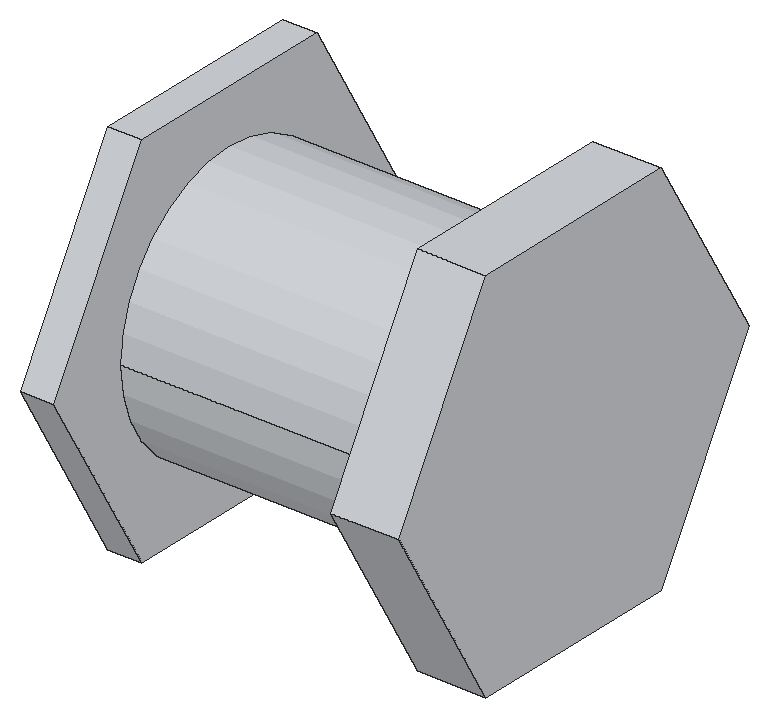
Revit family "f81609b7c07549028ad339f590eaeb7f", category Conduit Fittings, Revit 2021
Family settings
  Round Connector Dimension = Use Radius
  Part Type = Multi Port
  OmniClass Number = 23.80.30.17.11
  OmniClass Title = Conduits
  Work Plane-Based = No
  Always vertical = Yes
  Cut with Voids When Loaded = No
  Shared = No
Parameters (values of type "Standard")
  Thread Length [instance] = 0.2 * Length  # 1/4"
  Nut Thickness 2 [instance] = Fitting Outside Radius / 2  # 23/128"
  Nut Thickness 1 [instance] = Fitting Outside Radius / 4  # 23/256"
  Nut Flat Size [instance] = size_lookup(Conduit Size Lookup, "NFS", 1.16 * Nominal Diameter + 87/256", Nominal Diameter)  # 1"
  Nominal Radius [instance] = 1/4"
  Nominal Diameter [instance] = Nominal Radius * 2  # 1/2"
  Length 6 [instance] = Length / 3  # 0.41667"
  Length 5 [instance] = 0.1 * Length  # 1/8"
  Length 4 [instance] = Length 2 * cos(30.00°)  # 1/2"
  Length 3 [instance] = Length 2 * sin(30.00°)  # 0.28868"
  Length 2 [instance] = Nut Flat Size / (2 * cos(30.00°))  # 0.57735"
  Length 1 [instance] = Length - Thread Length  # 1"
  Fitting Outside Radius [instance] = Fitting Outside Diameter / 2  # 23/64"
  Fitting Outside Diameter [instance] = size_lookup(Conduit Size Lookup, "FOD", 1.11 * Nominal Diameter + 13/128", Nominal Diameter)  # 23/32"
  Length [instance] = size_lookup(Conduit Size Lookup, "Lgt", 1.52 * Nominal Diameter + 1 113/128", Nominal Diameter)  # 1 1/4"
  Default Elevation = 0' - 0"
  Conduit Size Lookup = "Conduit Connector - Compression - Die Cast Zinc"
Reference planes (in)
  plane 1 "Center (Front/Back)": y = 0
  plane 2: z = 0
  plane 3 "Center (Left/Right)": x = 0
  plane 4: x = 0.08984
  plane 5: x = 1
  plane 6: x = 0.82031
  plane 7: y = 0.28868
  plane 8: z = 0.5
  plane 9: z = -0.5
  plane 10: y = -0.28868
  plane 11: y = 0.57735
  plane 12: y = -0.57735
Forms (in)
  Extrusion 1, solid, detail levels fine
    sketch origin (0.82031, 1.01935, 48) x (0, 1, 0) y (0, 0, 1)
      loop
        line (-0.73067, -47.5) -> (-1.30802, -47.5) -> (-1.5967, -48) -> (-1.30802, -48.5) -> (-0.73067, -48.5) -> (-0.442, -48) -> (-0.73067, -47.5)
    from -0.82031 to -0.73047
  Extrusion 2, solid, detail levels fine
    sketch origin (0.82031, 1.01935, 48) x (0, 1, 0) y (0, 0, 1)
      loop
        line (-0.73067, -47.5) -> (-1.30802, -47.5) -> (-1.5967, -48) -> (-1.30802, -48.5) -> (-0.73067, -48.5) -> (-0.442, -48) -> (-0.73067, -47.5)
    from 0 to 0.17969
  Extrusion 3, solid, detail levels fine
    sketch origin (0.82031, 1.01935, 48) x (0, 1, 0) y (0, 0, 1)
      loop
        circle (-1.01935, -48) r 0.35938
    from -0.73047 to 0
  Extrusion 4, solid, detail levels fine
    sketch origin (0.82031, 1.01935, 48) x (0, 1, 0) y (0, 0, 1)
      loop
        circle (-1.01935, -48) r 0.125
    from -0.82031 to 0.17969
Cuts and joins
  joined: Extrusion 1, Extrusion 2, Extrusion 3, Extrusion 4
Lines and regions (in)
  model lines, detail levels coarse+medium
    curve 1: line (0, 0, 0) -> (1, 0, 0)
Dimensions and locks (in)
  "Nut Thickness 1": plane 3 "Center (Left/Right)" to plane 4
  "Length 1": plane 3 "Center (Left/Right)" to plane 5
  "Nut Thickness 2": plane 6 to plane 5
  "Length 4": plane 8 to plane 2
  equal spacing: plane 9, plane 2, plane 8
  "Length 3": plane 7 to plane 1 "Center (Front/Back)"
  equal spacing: plane 7, plane 1 "Center (Front/Back)", plane 10
  "Length 2": plane 11 to plane 1 "Center (Front/Back)"
  equal spacing: plane 11, plane 1 "Center (Front/Back)", plane 12
  "Length 2": plane 1 "Center (Front/Back)" to Extrusion 1 sketch curve  (x2)
  "Length 2": plane 1 "Center (Front/Back)" to Extrusion 2 sketch curve  (x2)
  "Fitting Outside Radius": radius of Extrusion 3 sketch curve
  radius of Extrusion 4 sketch curve = 0' - 0 1/8"
  aligned and locked: plane 10 to Extrusion 1 sketch curve  (x3)
  aligned and locked: Extrusion 1 sketch curve to plane 8
  aligned and locked: plane 8 to Extrusion 1 sketch curve
  aligned and locked: plane 2 to Extrusion 1 sketch curve  (x2)
  aligned and locked: plane 12 to Extrusion 1 sketch curve
  aligned and locked: plane 7 to Extrusion 1 sketch curve
  aligned and locked: plane 9 to Extrusion 1 sketch curve
  aligned and locked: plane 11 to Extrusion 1 sketch curve
  aligned and locked: Extrusion 1 to plane 3 "Center (Left/Right)"
  aligned and locked: plane 4 to Extrusion 1
  aligned and locked: plane 10 to Extrusion 2 sketch curve  (x2)
  aligned and locked: plane 8 to Extrusion 2 sketch curve  (x2)
  aligned and locked: plane 12 to Extrusion 2 sketch curve
  aligned and locked: plane 2 to Extrusion 2 sketch curve  (x2)
  aligned and locked: plane 9 to Extrusion 2 sketch curve
  aligned and locked: plane 7 to Extrusion 2 sketch curve  (x2)
  aligned and locked: Extrusion 2 to plane 6
  aligned and locked: plane 5 to Extrusion 2
  aligned and locked: plane 1 "Center (Front/Back)" to Extrusion 3 sketch curve
  aligned and locked: plane 2 to Extrusion 3 sketch curve
  aligned and locked: Extrusion 3 to plane 4
  aligned and locked: plane 6 to Extrusion 3
  aligned and locked: plane 1 "Center (Front/Back)" to Extrusion 4 sketch curve
  aligned and locked: plane 2 to Extrusion 4 sketch curve
  aligned and locked: Extrusion 4 to plane 3 "Center (Left/Right)"
  aligned and locked: plane 5 to Extrusion 4
  aligned and locked: plane 3 "Center (Left/Right)" to curve 1
  aligned and locked: plane 5 to curve 1
  aligned and locked: plane 1 "Center (Front/Back)" to curve 1
Connectors (in)
  cabletrayconduit at (0, 0, 0), diameter 0.5, driven by "Nominal Radius"
    settings: on Extrusion 4, index 1, connector width 1' - 0", connector height 1' - 0", connector angle 0.00°, system type 32, placement type 0, profile type 0, connector reference index 2, is primary connector yes, connector utility param no, connector description ""
  cabletrayconduit at (1, 0, 0), diameter 0.5, driven by "Nominal Radius"
    settings: on Extrusion 4, index 2, connector width 1' - 0", connector height 1' - 0", connector angle 0.00°, system type 32, placement type 0, profile type 0, connector reference index 1, is primary connector no, connector utility param no, connector description ""
